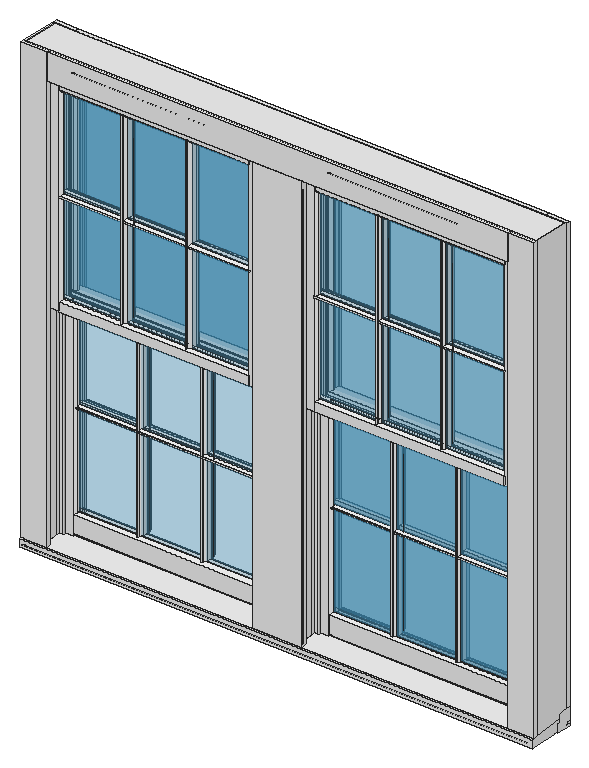
Revit family "B2-66", category Windows, host Wall, Revit 2012
Parameters
  metal = Matel
  Wood = WindowColor
  Str.Tolrance = 11 mm
  Height = 1770 mm
  Glass = Glass
  Default Sill Height = 200 mm
  Wall Closure = By host
  Width = 2007 mm
Reference planes
  plane 1 "Center (Front/Back)": y = 0
  plane 2: z = 0
  plane 3 "Center (Left/Right)": x = 0
  plane 4 "Left": x = -1003.5
  plane 5 "Right": x = 1003.5
  plane 6 "Sill": z = 200
  plane 7 "Top": z = 1970
  plane 8: y = 33.076
  plane 9: z = 1085
  plane 10: x = 903.5
  plane 11: x = -903.5
  plane 12: x = -877.455
  plane 13: x = 877.455
  plane 14: z = 1844
  plane 15: z = 326
  plane 16: z = 1870
  plane 17: z = 1008.481
  plane 18: z = 233
  plane 19: z = 1888
  plane 20: z = 268
  plane 21: x = -68
  plane 22: x = 921.5
  plane 23: x = 78
  plane 24: z = 1107
  plane 25: z = 1063
  plane 26: x = -122.245
  plane 27: x = 122.245
  plane 28: x = -373.982
  plane 29: x = 625.718
  plane 30: z = 1884
  plane 31: z = 1464.5
  plane 32: z = 694.5
  plane 33: x = 373.982
  plane 34: x = -625.718
Forms (mm)
  Sweep 1, solid, material "Matel" <- "metal"
    path origin (0, 0, 0) x (1, 0, 0) y (0, 0, 1)
      loop
        line (903.579, 1970) -> (-903.5, 1970)
    profile origin (0.039, 0, 1970) x (0, 0, -1) y (0, -1, 0)
      loop
        line (0, 87) -> (0, 72) -> (6, 72) -> (6, 67) -> (65, 67) -> (65, 72) -> (73, 72) -> (73, 67) -> (82, 67) -> (88, 67) -> (88, 70) -> (90.25, 70) -> (91.246, 70) -> (91.246, 70.819) -> (90.25, 70.456) -> (91.246, 71.452) -> (90.25, 71.452) -> (91.246, 72.288) -> (90.25, 72.288) -> (91.5, 74) -> (92.75, 72.288) -> (91.754, 72.288) -> (92.75, 71.452) -> (91.754, 71.452) -> (92.75, 70.456) -> (91.754, 70.819) -> (91.754, 70) -> (95, 70) -> (95, 67) -> (100, 67) -> (100, 87) -> (0, 87)
  Sweep 2, solid, material "Matel" <- "metal"
    path origin (0, 0, 0) x (1, 0, 0) y (0, 0, 1)
      loop
        line (997.579, 1970) -> (-997.579, 1970)
    profile origin (0, 0, 1970) x (0, 0, -1) y (0, -1, 0)
      loop
        line (0, -72) -> (6, -72) -> (6, 72) -> (0, 72) -> (0, -72)
  Sweep 3, solid
    path origin (0, 0, 0) x (1, 0, 0) y (0, 0, 1)
      loop
        line (903.5, 1970) -> (-903.5, 1970)
    profile origin (0, 0, 1970) x (0, 0, -1) y (0, -1, 0)
      loop
        line (82, -67) -> (82, -4) -> (75, -4) -> (75, 4) -> (82, 4) -> (82, 67) -> (73, 67) -> (73, 72) -> (65, 72) -> (65, 67) -> (6, 67) -> (6, -67) -> (65, -67) -> (65, -72) -> (73, -72) -> (73, -67) -> (82, -67)
  Sweep 4, solid, material "Matel" <- "metal"
    path origin (0, 0, 0) x (1, 0, 0) y (0, 0, 1)
      loop
        line (1003.5, 1970) -> (1003.5, 200)
    profile origin (1003.5, 0, 1085) x (0, -1, 0) y (1, 0, 0)
      loop
        line (72, -5.921) -> (72, -65) -> (72, -99.921) -> (87, -99.921) -> (87, 0.079) -> (72, 0.079) -> (72, -5.921)
  Sweep 5, solid, material "Matel" <- "metal"
    path origin (0, 0, 0) x (1, 0, 0) y (0, 0, 1)
      loop
        line (1003.5, 1870) -> (1003.5, 200)
    profile origin (1003.5, 0, 1035) x (0, -1, 0) y (1, 0, 0)
      loop
        line (-67, -56) -> (-67, -65) -> (-72, -65) -> (-72, -73) -> (-67, -73) -> (-67, -82) -> (67, -82) -> (67, -73) -> (72, -73) -> (72, -65) -> (67, -65) -> (67, -56) -> (-67, -56)
  Sweep 6, solid, material "Matel" <- "metal"
    path origin (0, 0, 0) x (-1, 0, 0) y (0, 0, 1)
      loop
        line (1003.5, 1970) -> (1003.5, 200)
    profile origin (-1003.5, 0, 1085) x (0, -1, 0) y (1, 0, 0)
      loop
        line (72, 5.921) -> (-72, 5.921) -> (-72, -0.079) -> (72, -0.079) -> (72, 5.921)
  Sweep 7, solid, material "Matel" <- "metal"
    path origin (0, 0, 0) x (-1, 0, 0) y (0, 0, 1)
      loop
        line (1003.5, 1870) -> (1003.5, 200)
    profile origin (-1003.5, 0, 1035) x (0, -1, 0) y (1, 0, 0)
      loop
        line (-67, 56) -> (67, 56) -> (67, 65) -> (72, 65) -> (72, 73) -> (67, 73) -> (67, 82) -> (-67, 82) -> (-67, 73) -> (-72, 73) -> (-72, 65) -> (-67, 65) -> (-67, 56)
  Sweep 8, solid, material "Matel" <- "metal"
    path origin (0, 0, 0) x (1, 0, 0) y (0, 0, 1)
      loop
        line (1003.5, 200) -> (1003.5, 1870)
    profile origin (1003.5, 0, 1035) x (-1, 0, 0) y (0, -1, 0)
      loop
        line (8.659, 13.181) -> (53.659, 13.181) -> (53.659, 58.181) -> (8.659, 58.181) -> (8.659, 13.181)
      loop
        circle (31.159, 35.681) r 3.5
      loop
        circle (31.159, -35.319) r 3.5
      loop
        line (53.659, -57.819) -> (53.659, -12.819) -> (8.659, -12.819) -> (8.659, -57.819) -> (53.659, -57.819)
      loop
        line (7.159, 1.681) -> (7.159, -1.319) -> (55.159, -1.319) -> (55.159, 1.681) -> (7.159, 1.681)
      loop
        line (82.159, -3.819) -> (96.159, -3.819)
        arc (96.159, -3.819) -> (100.159, 0.181) -> (96.159, 4.181) r 4
        line (96.159, 4.181) -> (75.159, 4.181) -> (75.159, -3.819) -> (82.159, -3.819)
  Sweep 9, solid, material "Matel" <- "metal"
    path origin (0, 0, 0) x (1, 0, 0) y (0, 0, 1)
      loop
        line (1003.5, 200) -> (1003.5, 1870)
    profile origin (1003.5, 0, 1035) x (-1, 0, 0) y (0, -1, 0)
      loop
        line (79, -43.784) -> (79, -50.284) -> (82, -50.284) -> (82, -21.284) -> (79, -21.284) -> (79, -27.784) -> (34, -27.784) -> (34, -43.784) -> (79, -43.784)
      loop
        line (34, 27.216) -> (79, 27.216) -> (79, 20.716) -> (82, 20.716) -> (82, 49.716) -> (79, 49.716) -> (79, 43.216) -> (34, 43.216) -> (34, 27.216)
  Sweep 10, solid, material "Matel" <- "metal"
    path origin (0, 0, 0) x (-1, 0, 0) y (0, 0, 1)
      loop
        line (1003.5, 200) -> (1003.5, 1870)
    profile origin (-1003.5, 0, 1035) x (-1, 0, 0) y (0, -1, 0)
      loop
        line (-8.659, 13.181) -> (-8.659, 58.181) -> (-53.659, 58.181) -> (-53.659, 13.181) -> (-8.659, 13.181)
      loop
        circle (-31.159, 35.681) r 3.5
      loop
        circle (-31.159, -35.319) r 3.5
      loop
        line (-53.659, -57.819) -> (-8.659, -57.819) -> (-8.659, -12.819) -> (-53.659, -12.819) -> (-53.659, -57.819)
      loop
        line (-7.159, 1.681) -> (-55.159, 1.681) -> (-55.159, -1.319) -> (-7.159, -1.319) -> (-7.159, 1.681)
      loop
        line (-82.159, -3.819) -> (-75.159, -3.819) -> (-75.159, 4.181) -> (-96.159, 4.181)
        arc (-96.159, 4.181) -> (-100.159, 0.181) -> (-96.159, -3.819) r 4
        line (-96.159, -3.819) -> (-82.159, -3.819)
  Sweep 11, solid, material "Matel" <- "metal"
    path origin (0, 0, 0) x (1, 0, 0) y (0, 0, 1)
      loop
        line (1003.5, 200) -> (-1003.5, 200)
    profile origin (0, 0, 200) x (0, 0, -1) y (0, -1, 0)
      loop
        line (0, -87) -> (0, -33) -> (-33, -33) -> (-33, -38) -> (-48, -38) -> (-48, -33) -> (-52.913, -33)
        arc (-52.913, -33) -> (-55.913, -36) -> (-58.913, -33) r 3
        line (-58.913, -33) -> (-63.825, -33) -> (-68, -67) -> (-68, -87) -> (-20, -87) -> (-20, -77) -> (-10, -77) -> (-10, -87) -> (0, -87)
  Sweep 12, solid, material "Matel" <- "metal"
    path origin (0, 0, 0) x (1, 0, 0) y (0, 0, 1)
      loop
        line (1003.5, 200) -> (-1003.5, 200)
    profile origin (0, 0, 200) x (0, 0, -1) y (0, -1, 0)
      loop
        line (-5, -33) -> (-5, -13) -> (0, -13) -> (0, 80) -> (-2, 80)
        arc (-2, 80) -> (-5, 83) -> (-2, 86) r 3
        line (-2, 86) -> (0, 86) -> (0, 91) -> (-30.121, 91)
        arc (-30.121, 91) -> (-32.108, 90.247) -> (-33.098, 88.366) r 3
        line (-33.098, 88.366) -> (-48, -33) -> (-48, -38) -> (-33, -38) -> (-33, -33) -> (-5, -33)
  Sweep 13, solid, material "Matel" <- "metal"
    path origin (0, 0, 0) x (1, 0, 0) y (0, 0, 1)
      loop
        line (-128.237, 1970) -> (-871.455, 1970)
    profile origin (-499.846, 0, 1970) x (0, 0, -1) y (0, -1, 0)
      loop
        line (88.983, 5.47) -> (125.983, 5.47) -> (125.983, 53.47) -> (141.983, 53.47) -> (141.983, 55.47) -> (131.983, 65.47) -> (88.983, 65.47)
        arc (88.983, 65.47) -> (86.862, 64.591) -> (85.983, 62.47) r 3
        line (85.983, 62.47) -> (85.983, 16.47) -> (91.983, 16.47) -> (91.983, 13.47) -> (85.983, 13.47) -> (85.983, 8.47)
        arc (85.983, 8.47) -> (86.862, 6.348) -> (88.983, 5.47) r 3
      loop
        arc (96, -3.819) -> (100, 0.181) -> (96, 4.181) r 4
        line (96, 4.181) -> (75, 4.181) -> (75, -3.819) -> (82, -3.819) -> (96, -3.819)
  Sweep 14, solid, material "Matel" <- "metal"
    path origin (0, 0, 0) x (1, 0, 0) y (0, 0, 1)
      loop
        line (0, 1870) -> (0, 233)
    profile origin (0, 0, 1051.5) x (0, -1, 0) y (1, 0, 0)
      loop
        line (-87, 78.266) -> (-87, -78.266) -> (-67, -78.266) -> (-67, -69.266) -> (-72, -69.266) -> (-72, -61.266) -> (-67, -61.266) -> (-67, -52.266) -> (-67, 52.266) -> (-67, 61.266) -> (-72, 61.266) -> (-72, 69.266) -> (-67, 69.266) -> (-67, 78.266) -> (-87, 78.266)
      loop
        line (87, 96.266) -> (67, 96.266) -> (67, 91.266) -> (70, 91.266) -> (70, 88.098) -> (70.8, 88.098) -> (70.41, 89.016) -> (71.49, 88.098) -> (71.49, 89.007) -> (72.56, 88.098) -> (72.56, 88.952) -> (74, 88.28) -> (74, 87.42) -> (72.56, 86.52) -> (72.56, 87.374) -> (71.49, 86.528) -> (71.49, 87.435) -> (70.391, 86.516) -> (70.8, 87.435) -> (70, 87.435) -> (70, 84.266) -> (67, 84.266) -> (67, 69.266) -> (72, 69.266) -> (72, 61.266) -> (67, 61.266) -> (67, 3.733) -> (67, -61.266) -> (72, -61.266) -> (72, -69.266) -> (67, -69.266) -> (67, -84.266) -> (70, -84.266) -> (70, -87.435) -> (70.8, -87.435) -> (70.391, -86.516) -> (71.49, -87.435) -> (71.49, -86.528) -> (72.56, -87.374) -> (72.56, -86.52) -> (74, -87.42) -> (74, -88.28) -> (72.56, -88.952) -> (72.56, -88.098) -> (71.49, -89.007) -> (71.49, -88.098) -> (70.41, -89.016) -> (70.8, -88.098) -> (70, -88.098) -> (70, -91.266) -> (67, -91.266) -> (67, -96.266) -> (87, -96.266) -> (87, 96.266)
  Sweep 15, solid, material "Matel" <- "metal"
    path origin (0, 0, 0) x (1, 0, 0) y (0, 0, 1)
      loop
        line (0, 1870) -> (0, 233)
    profile origin (0, 0, 1051.5) x (0, -1, 0) y (1, 0, 0)
      loop
        line (-67, 52.266) -> (67, 52.266) -> (67, 61.266) -> (72, 61.266) -> (72, 69.266) -> (67, 69.266) -> (67, 78.266) -> (-67, 78.266) -> (-67, 69.266) -> (-72, 69.266) -> (-72, 61.266) -> (-67, 61.266) -> (-67, 52.266)
      loop
        line (-67, -78.266) -> (67, -78.266) -> (67, -69.266) -> (72, -69.266) -> (72, -61.266) -> (67, -61.266) -> (67, -52.266) -> (-67, -52.266) -> (-67, -61.266) -> (-72, -61.266) -> (-72, -69.266) -> (-67, -69.266) -> (-67, -78.266)
  Sweep 16, solid, material "Matel" <- "metal"
    path origin (0, 0, 0) x (1, 0, 0) y (0, 0, 1)
      loop
        line (0, 1870) -> (0, 233)
    profile origin (0, 0, 1051.5) x (0, -1, 0) y (1, 0, 0)
      loop
        line (13.691, -4.79) -> (13.691, -49.79) -> (58.691, -49.79) -> (58.691, -4.79) -> (13.691, -4.79)
      loop
        circle (36.191, -27.29) r 3.5
      loop
        circle (-34.809, -27.29) r 3.5
      loop
        line (-57.309, -49.79) -> (-12.309, -49.79) -> (-12.309, -4.79) -> (-57.309, -4.79) -> (-57.309, -49.79)
      loop
        line (2.191, -3.29) -> (-0.809, -3.29) -> (-0.809, -51.29) -> (2.191, -51.29) -> (2.191, -3.29)
      loop
        line (-3.309, -78.29) -> (-3.309, -92.29)
        arc (-3.309, -92.29) -> (0.691, -96.29) -> (4.691, -92.29) r 4
        line (4.691, -92.29) -> (4.691, -71.29) -> (-3.309, -71.29) -> (-3.309, -78.29)
  Sweep 17, solid, material "Matel" <- "metal"
    path origin (0, 0, 0) x (-1, 0, 0) y (0, 0, 1)
      loop
        line (0, 1870) -> (0, 233)
    profile origin (0, 0, 1051.5) x (0, -1, 0) y (1, 0, 0)
      loop
        line (13.691, 4.79) -> (58.691, 4.79) -> (58.691, 49.79) -> (13.691, 49.79) -> (13.691, 4.79)
      loop
        circle (36.191, 27.29) r 3.5
      loop
        circle (-34.809, 27.29) r 3.5
      loop
        line (-57.309, 49.79) -> (-57.309, 4.79) -> (-12.309, 4.79) -> (-12.309, 49.79) -> (-57.309, 49.79)
      loop
        line (2.191, 3.29) -> (2.191, 51.29) -> (-0.809, 51.29) -> (-0.809, 3.29) -> (2.191, 3.29)
      loop
        line (-3.309, 78.29) -> (-3.309, 71.29) -> (4.691, 71.29) -> (4.691, 92.29)
        arc (4.691, 92.29) -> (0.691, 96.29) -> (-3.309, 92.29) r 4
        line (-3.309, 92.29) -> (-3.309, 78.29)
  Sweep 18, solid, material "Matel" <- "metal"
    path origin (0, 0, 0) x (1, 0, 0) y (0, 0, 1)
      loop
        line (0, 1870) -> (0, 233)
    profile origin (0, 0, 1051.5) x (0, -1, 0) y (1, 0, 0)
      loop
        line (-42.517, -75.266) -> (-49.017, -75.266) -> (-49.017, -78.266) -> (-20.017, -78.266) -> (-20.017, -75.266) -> (-26.517, -75.266) -> (-26.517, -30.266) -> (-42.517, -30.266) -> (-42.517, -75.266)
      loop
        line (28.483, -30.266) -> (28.483, -75.266) -> (21.983, -75.266) -> (21.983, -78.266) -> (50.983, -78.266) -> (50.983, -75.266) -> (44.483, -75.266) -> (44.483, -30.266) -> (28.483, -30.266)
      loop
        line (-42.517, 75.266) -> (-42.517, 30.266) -> (-26.517, 30.266) -> (-26.517, 75.266) -> (-20.017, 75.266) -> (-20.017, 78.266) -> (-49.017, 78.266) -> (-49.017, 75.266) -> (-42.517, 75.266)
      loop
        line (28.483, 30.266) -> (44.483, 30.266) -> (44.483, 75.266) -> (50.983, 75.266) -> (50.983, 78.266) -> (21.983, 78.266) -> (21.983, 75.266) -> (28.483, 75.266) -> (28.483, 30.266)
  Sweep 19, solid, material "Matel" <- "metal"
    path origin (0, 0, 0) x (1, 0, 0) y (0, 0, 1)
      loop
        line (-78.266, 1888) -> (-921.5, 1888) -> (-921.5, 268) -> (-78.266, 268) -> (-78.266, 1888)
    profile origin (-499.883, 0, 1888) x (0, 0, -1) y (0, -1, 0)
      loop
        line (15, -67) -> (0, -67) -> (0, -81) -> (3, -81)
        arc (3, -81) -> (9, -87) -> (15, -81) r 6
        line (15, -81) -> (15, -67)
  Sweep 20, solid, material "Matel" <- "metal"
    path origin (0, 0, 0) x (-1, 0, 0) y (0, 0, 1)
      loop
        line (-78, 1888) -> (-921.5, 1888) -> (-921.5, 268) -> (-78, 268) -> (-78, 1888)
    profile origin (499.75, 0, 1888) x (0, 0, 1) y (0, -1, 0)
      loop
        line (-15, -67) -> (-15, -81)
        arc (-15, -81) -> (-9, -87) -> (-3, -81) r 6
        line (-3, -81) -> (0, -81) -> (0, -67) -> (-15, -67)
  Sweep 21, solid, material "Matel" <- "metal"
    path origin (0, 0, 0) x (1, 0, 0) y (0, 0, 1)
      loop
        line (-128.237, 1085) -> (-871.455, 1085)
    profile origin (-499.846, 0, 1085) x (0, 0, -1) y (0, -1, 0)
      loop
        line (19, -50.836) -> (22, -50.836) -> (22, -46.836) -> (18, -45.836) -> (18, -42.836) -> (6, -42.836) -> (6, -61.836) -> (11, -61.836) -> (11, -58.836)
        arc (11, -58.836) -> (16.657, -56.493) -> (19, -50.836) r 8
      loop
        line (10, -38.836) -> (20, -38.836) -> (20, -22.836) -> (10, -22.836) -> (10, -38.836)
      loop
        line (22, 6.164) -> (22, 66.164) -> (-12, 66.164) -> (-22, 56.164) -> (-22, 54.164) -> (-6, 54.164) -> (-6, 12.164) -> (-3, 12.164) -> (-3, 6.164) -> (22, 6.164)
      loop
        line (-20, 32.164) -> (-10, 32.164) -> (-10, 48.164) -> (-20, 48.164) -> (-20, 32.164)
  Sweep 22, solid, material "Matel" <- "metal", detail levels fine
    path origin (0, 0, 0) x (1, 0, 0) y (0, 0, 1)
      loop
        line (-373.982, 1107) -> (-373.982, 1839.017)
    profile origin (-373.982, 0, 1473.008) x (-1, 0, 0) y (0, -1, 0)
      loop
        line (8.934, 26.029) -> (-11.066, 26.029) -> (-11.066, 20.029) -> (-9.066, 20.029) -> (-9.066, 17.529) -> (-3.566, 10.029) -> (-3.566, 8.029) -> (1.434, 8.029) -> (1.434, 10.029) -> (6.934, 17.529) -> (6.934, 20.029) -> (8.934, 20.029) -> (8.934, 26.029)
      loop
        line (8.934, 57.214) -> (1.485, 65.368) -> (1.485, 67.368) -> (-3.515, 67.368) -> (-3.515, 65.368) -> (-11.066, 54.414) -> (8.934, 54.414) -> (8.934, 57.214)
  Sweep 23, solid, material "Matel" <- "metal"
    path origin (0, 0, 0) x (-1, 0, 0) y (0, 0, 1)
      loop
        line (1003.5, 200) -> (1003.5, 1870)
    profile origin (-1003.5, 0, 1035) x (-1, 0, 0) y (0, -1, 0)
      loop
        line (-79, -43.784) -> (-34, -43.784) -> (-34, -27.784) -> (-79, -27.784) -> (-79, -21.284) -> (-82, -21.284) -> (-82, -50.284) -> (-79, -50.284) -> (-79, -43.784)
      loop
        line (-34, 27.216) -> (-34, 43.216) -> (-79, 43.216) -> (-79, 49.716) -> (-82, 49.716) -> (-82, 20.716) -> (-79, 20.716) -> (-79, 27.216) -> (-34, 27.216)
  Sweep 24, solid, material "Matel" <- "metal"
    path origin (749.2, 0, 0) x (1, 0, 0) y (0, 0, 1)
      loop
        line (128.255, 1870) -> (128.255, 1085)
    profile origin (877.455, 0, 1477.5) x (0, -1, 0) y (1, 0, 0)
      loop
        line (-61.836, 0) -> (-61.836, -5) -> (-58.836, -5)
        arc (-58.836, -5) -> (-56.493, -10.657) -> (-50.836, -13) r 8
        line (-50.836, -13) -> (-50.836, -16) -> (-46.836, -16) -> (-45.836, -12) -> (-42.836, -12) -> (-42.836, 0) -> (-61.836, 0)
  Sweep 25, solid
    path origin (0, 0, 0) x (1, 0, 0) y (0, 0, 1)
      loop
        line (-877.455, 1870) -> (-122.245, 1870)
    profile origin (-499.85, 0, 1870) x (0, 0, 1) y (0, -1, 0)
      loop
        line (-25.983, 7.97) -> (-25.983, 26.97) -> (-37.983, 26.97) -> (-37.983, 23.97) -> (-41.983, 22.97) -> (-41.983, 18.97) -> (-38.983, 18.97)
        arc (-38.983, 18.97) -> (-36.64, 13.313) -> (-30.983, 10.97) r 8
        line (-30.983, 10.97) -> (-30.983, 7.97) -> (-25.983, 7.97)
  Sweep 26, solid, material "Matel" <- "metal", detail levels fine
    path origin (0, 0, 0) x (-1, 0, 0) y (0, 0, -1)
      loop
        line (-625.718, -1107) -> (-625.718, -1838.017)
    profile origin (625.718, 0, 1472.508) x (-1, 0, 0) y (0, -1, 0)
      loop
        line (-8.934, 26.029) -> (-8.934, 20.029) -> (-6.934, 20.029) -> (-6.934, 17.529) -> (-1.434, 10.029) -> (-1.434, 8.029) -> (3.566, 8.029) -> (3.566, 10.029) -> (9.066, 17.529) -> (9.066, 20.029) -> (11.066, 20.029) -> (11.066, 26.029) -> (-8.934, 26.029)
      loop
        line (-8.934, 57.214) -> (-8.934, 54.414) -> (11.066, 54.414) -> (3.515, 65.368) -> (3.515, 67.368) -> (-1.485, 67.368) -> (-1.485, 65.368) -> (-8.934, 57.214)
  Sweep 27, solid, material "Matel" <- "metal"
    path origin (0, 0, 0) x (-1, 0, 0) y (0, 0, 1)
      loop
        line (128.237, 268) -> (871.455, 268)
    profile origin (-499.846, 0, 268) x (0, 0, -1) y (0, -1, 0)
      loop
        line (18.317, -15.045) -> (12.685, -15.045) -> (12.685, -12.045) -> (20.101, -12.045) -> (20.67, -7.41)
        arc (20.67, -7.41) -> (19.939, -5.057) -> (17.693, -4.045) r 3
        line (17.693, -4.045) -> (-50.332, -4.045) -> (-60.332, -14.045) -> (-60.332, -16.045) -> (-44.332, -16.045) -> (-44.332, -30.045) -> (-4.998, -30.045) -> (-4.998, -26.045) -> (16.966, -26.045) -> (18.317, -15.045)
      loop
        line (-44.332, -64.045) -> (-5.354, -64.045)
        arc (-5.354, -64.045) -> (-3.366, -63.291) -> (-2.376, -61.41) r 3
        line (-2.376, -61.41) -> (-1.717, -56.045) -> (-7.349, -56.045) -> (-7.349, -53.045) -> (-1.349, -53.045) -> (0.002, -42.045) -> (-4.998, -42.045) -> (-4.998, -38.045) -> (-44.332, -38.045) -> (-44.332, -64.045)
  Sweep 28, solid, material "Matel" <- "metal"
    path origin (0, 0, 0) x (1, 0, 0) y (0, 0, 1)
      loop
        line (861.455, 268) -> (138.245, 268)
    profile origin (499.85, 0, 268) x (0, 0, -1) y (0, -1, 0)
      loop
        line (-44.332, -61.836) -> (-44.332, -42.836) -> (-56.332, -42.836) -> (-56.332, -45.836) -> (-60.332, -46.836) -> (-60.332, -50.836) -> (-57.332, -50.836)
        arc (-57.332, -50.836) -> (-54.989, -56.493) -> (-49.332, -58.836) r 8
        line (-49.332, -58.836) -> (-49.332, -61.836) -> (-44.332, -61.836)
  Sweep 29, solid, material "Matel" <- "metal", detail levels fine
    path origin (0, 0, 2851.8) x (1, 0, 0) y (0, 0, 1)
      loop
        line (-373.982, -1788.8) -> (-373.982, -2525.8)
    profile origin (-373.982, 0, 694.5) x (0, -1, 0) y (1, 0, 0)
      loop
        line (-50.846, -8.934) -> (-50.846, 11.066) -> (-56.846, 11.066) -> (-56.846, 9.066) -> (-59.346, 9.066) -> (-66.846, 3.566) -> (-68.846, 3.566) -> (-68.846, -1.434) -> (-66.846, -1.434) -> (-59.346, -6.934) -> (-56.846, -6.934) -> (-56.846, -8.934) -> (-50.846, -8.934)
      loop
        line (-19.661, -8.934) -> (-11.507, -1.485) -> (-9.507, -1.485) -> (-9.507, 3.515) -> (-11.507, 3.515) -> (-22.461, 11.066) -> (-22.461, -8.934) -> (-19.661, -8.934)
  Sweep 30, solid, material "Matel" <- "metal", detail levels fine
    path origin (0, 0, 2851.8) x (-1, 0, 0) y (0, 0, -1)
      loop
        line (-625.718, 1788.8) -> (-625.718, 2523.468)
    profile origin (625.718, 0, 695.666) x (0, -1, 0) y (1, 0, 0)
      loop
        line (-47.721, 8.934) -> (-53.721, 8.934) -> (-53.721, 6.934) -> (-56.221, 6.934) -> (-63.721, 1.434) -> (-65.721, 1.434) -> (-65.721, -3.566) -> (-63.721, -3.566) -> (-56.221, -9.066) -> (-53.721, -9.066) -> (-53.721, -11.066) -> (-47.721, -11.066) -> (-47.721, 8.934)
      loop
        line (-16.536, 8.934) -> (-19.336, 8.934) -> (-19.336, -11.066) -> (-8.382, -3.515) -> (-6.382, -3.515) -> (-6.382, 1.485) -> (-8.382, 1.485) -> (-16.536, 8.934)
  Sweep 31, solid, material "Matel" <- "metal", detail levels fine
    path origin (0, 0, 0) x (1, 0, 0) y (0, 0, 1)
      loop
        line (625.718, 1107) -> (625.718, 1844)
    profile origin (625.718, 0, 1475.5) x (-1, 0, 0) y (0, -1, 0)
      loop
        line (9.723, 31.765) -> (9.723, 47.765) -> (-10.277, 47.765) -> (-10.277, 31.765) -> (9.723, 31.765)
  Sweep 32, solid, material "Matel" <- "metal", detail levels fine
    path origin (0, 0, 0) x (-1, 0, 0) y (0, 0, 1)
      loop
        line (373.982, 1107) -> (373.982, 1844)
    profile origin (-373.982, 0, 1475.5) x (-1, 0, 0) y (0, -1, 0)
      loop
        line (-10.348, 31.765) -> (9.652, 31.765) -> (9.652, 47.765) -> (-10.348, 47.765) -> (-10.348, 31.765)
  Sweep 33, solid, material "Matel" <- "metal", detail levels fine
    path origin (0, 0, 0) x (1, 0, 0) y (0, 0, 1)
      loop
        line (625.718, 1063) -> (625.718, 326)
    profile origin (625.718, 0, 694.5) x (0, -1, 0) y (1, 0, 0)
      loop
        line (-41.045, -10) -> (-25.045, -10) -> (-25.045, 10) -> (-41.045, 10) -> (-41.045, -10)
  Sweep 34, solid, material "Matel" <- "metal", detail levels fine
    path origin (0, 0, 0) x (-1, 0, 0) y (0, 0, 1)
      loop
        line (373.982, 1063) -> (373.982, 326)
    profile origin (-373.982, 0, 694.5) x (0, -1, 0) y (1, 0, 0)
      loop
        line (-41.045, 10) -> (-41.045, -10) -> (-25.045, -10) -> (-25.045, 10) -> (-41.045, 10)
  Sweep 35, solid, material "Matel" <- "metal", detail levels fine
    path origin (0, 0, 0) x (-1, 0, 0) y (0, 0, 1)
      loop
        line (373.982, 1107) -> (373.982, 1844)
    profile origin (-373.982, 0, 1475.5) x (-1, 0, 0) y (0, -1, 0)
      loop
        line (-9.723, 31.765) -> (10.277, 31.765) -> (10.277, 47.765) -> (-9.723, 47.765) -> (-9.723, 31.765)
  Sweep 36, solid, material "Matel" <- "metal"
    path origin (0, 0, 0) x (1, 0, 0) y (0, 0, 1)
      loop
        line (921.5, 1085) -> (921.5, 1870)
    profile origin (921.5, 0, 1477.5) x (-1, 0, 0) y (0, -1, 0)
      loop
        line (50.045, -5.271) -> (7.045, -5.271)
        arc (7.045, -5.271) -> (4.923, -6.15) -> (4.045, -8.271) r 3
        line (4.045, -8.271) -> (4.045, -13.271) -> (10.045, -13.271) -> (10.045, -16.271) -> (4.045, -16.271) -> (4.045, -29.271) -> (10.045, -29.271) -> (10.045, -41.271) -> (4.045, -41.271) -> (4.045, -62.271)
        arc (4.045, -62.271) -> (4.923, -64.393) -> (7.045, -65.271) r 3
        line (7.045, -65.271) -> (44.045, -65.271) -> (44.045, -17.271) -> (60.045, -17.271) -> (60.045, -15.271) -> (50.045, -5.271)
  Sweep 37, solid, material "Matel" <- "metal"
    path origin (0, 0, 0) x (1, 0, 0) y (0, 0, 1)
      loop
        line (921.5, 1870) -> (921.5, 1063)
    profile origin (921.5, 0, 1466.5) x (0, -1, 0) y (1, 0, 0)
      loop
        line (65.625, -50.045) -> (65.625, -7.045)
        arc (65.625, -7.045) -> (64.746, -4.923) -> (62.625, -4.045) r 3
        line (62.625, -4.045) -> (57.625, -4.045) -> (57.625, -10.045) -> (54.625, -10.045) -> (54.625, -4.045) -> (41.625, -4.045) -> (41.625, -10.045) -> (29.625, -10.045) -> (29.625, -4.045) -> (8.625, -4.045)
        arc (8.625, -4.045) -> (6.504, -4.923) -> (5.625, -7.045) r 3
        line (5.625, -7.045) -> (5.625, -44.045) -> (53.625, -44.045) -> (53.625, -60.045) -> (55.625, -60.045) -> (65.625, -50.045)
  Sweep 38, solid, material "Matel" <- "metal"
    path origin (999.5, 0, 0) x (-1, 0, 0) y (0, 0, 1)
      loop
        line (921.5, 1085) -> (921.5, 1870)
    profile origin (78, 0, 1477.5) x (-1, 0, 0) y (0, -1, 0)
      loop
        line (-50.045, -5.271) -> (-60.045, -15.271) -> (-60.045, -17.271) -> (-44.045, -17.271) -> (-44.045, -65.271) -> (-7.045, -65.271)
        arc (-7.045, -65.271) -> (-4.923, -64.393) -> (-4.045, -62.271) r 3
        line (-4.045, -62.271) -> (-4.045, -41.271) -> (-10.045, -41.271) -> (-10.045, -29.271) -> (-4.045, -29.271) -> (-4.045, -16.271) -> (-10.045, -16.271) -> (-10.045, -13.271) -> (-4.045, -13.271) -> (-4.045, -8.271)
        arc (-4.045, -8.271) -> (-4.923, -6.15) -> (-7.045, -5.271) r 3
        line (-7.045, -5.271) -> (-50.045, -5.271)
  Sweep 39, solid, material "Matel" <- "metal"
    path origin (-999.5, 0, 0) x (1, 0, 0) y (0, 0, 1)
      loop
        line (931.5, 1085) -> (931.5, 1870)
    profile origin (-68, 0, 1477.5) x (-1, 0, 0) y (0, -1, 0)
      loop
        line (60.237, -5.271) -> (17.237, -5.271)
        arc (17.237, -5.271) -> (15.116, -6.15) -> (14.237, -8.271) r 3
        line (14.237, -8.271) -> (14.237, -13.271) -> (20.237, -13.271) -> (20.237, -16.271) -> (14.237, -16.271) -> (14.237, -29.271) -> (20.237, -29.271) -> (20.237, -41.271) -> (14.237, -41.271) -> (14.237, -62.271)
        arc (14.237, -62.271) -> (15.116, -64.393) -> (17.237, -65.271) r 3
        line (17.237, -65.271) -> (54.237, -65.271) -> (54.237, -17.271) -> (70.237, -17.271) -> (70.237, -15.271) -> (60.237, -5.271)
  Sweep 40, solid, material "Matel" <- "metal"
    path origin (-1154.5, 0, 0) x (1, 0, 0) y (0, 0, 1)
      loop
        line (1086.5, 1063) -> (1086.5, 1870)
    profile origin (-68, 0, 1466.5) x (-1, 0, 0) y (0, -1, 0)
      loop
        line (60.237, 65.354) -> (17.237, 65.354)
        arc (17.237, 65.354) -> (15.116, 64.475) -> (14.237, 62.354) r 3
        line (14.237, 62.354) -> (14.237, 57.354) -> (20.237, 57.354) -> (20.237, 54.354) -> (14.237, 54.354) -> (14.237, 41.354) -> (20.237, 41.354) -> (20.237, 29.354) -> (14.237, 29.354) -> (14.237, 8.354)
        arc (14.237, 8.354) -> (15.116, 6.232) -> (17.237, 5.354) r 3
        line (17.237, 5.354) -> (54.237, 5.354) -> (54.237, 53.354) -> (70.237, 53.354) -> (70.237, 55.354) -> (60.237, 65.354)
  Sweep 41, solid, material "Matel" <- "metal"
    path origin (0, 0, 0) x (-1, 0, 0) y (0, 0, 1)
      loop
        line (921.5, 1085) -> (921.5, 1870)
    profile origin (-921.5, 0, 1477.5) x (-1, 0, 0) y (0, -1, 0)
      loop
        line (-50.045, -5.271) -> (-60.045, -15.271) -> (-60.045, -17.271) -> (-44.045, -17.271) -> (-44.045, -65.271) -> (-7.045, -65.271)
        arc (-7.045, -65.271) -> (-4.923, -64.393) -> (-4.045, -62.271) r 3
        line (-4.045, -62.271) -> (-4.045, -41.271) -> (-10.045, -41.271) -> (-10.045, -29.271) -> (-4.045, -29.271) -> (-4.045, -16.271) -> (-10.045, -16.271) -> (-10.045, -13.271) -> (-4.045, -13.271) -> (-4.045, -8.271)
        arc (-4.045, -8.271) -> (-4.923, -6.15) -> (-7.045, -5.271) r 3
        line (-7.045, -5.271) -> (-50.045, -5.271)
  Sweep 42, solid, material "Matel" <- "metal"
    path origin (0, 0, 0) x (-1, 0, 0) y (0, 0, 1)
      loop
        line (921.5, 1870) -> (921.5, 1063)
    profile origin (-921.5, 0, 1466.5) x (0, -1, 0) y (1, 0, 0)
      loop
        line (65.625, 50.045) -> (55.625, 60.045) -> (53.625, 60.045) -> (53.625, 44.045) -> (5.625, 44.045) -> (5.625, 7.045)
        arc (5.625, 7.045) -> (6.504, 4.923) -> (8.625, 4.045) r 3
        line (8.625, 4.045) -> (29.625, 4.045) -> (29.625, 10.045) -> (41.625, 10.045) -> (41.625, 4.045) -> (54.625, 4.045) -> (54.625, 10.045) -> (57.625, 10.045) -> (57.625, 4.045) -> (62.625, 4.045)
        arc (62.625, 4.045) -> (64.746, 4.923) -> (65.625, 7.045) r 3
        line (65.625, 7.045) -> (65.625, 50.045)
  Sweep 43, solid, material "Matel" <- "metal"
    path origin (797.972, 0, -696.715) x (1, 0, 0) y (0, 0, 1)
      loop
        line (123.528, 896.715) -> (123.528, 1781.715)
    profile origin (921.5, 0, 642.5) x (-1, 0, 0) y (0, -1, 0)
      loop
        line (50.045, -5.271) -> (7.045, -5.271)
        arc (7.045, -5.271) -> (4.923, -6.15) -> (4.045, -8.271) r 3
        line (4.045, -8.271) -> (4.045, -13.271) -> (10.045, -13.271) -> (10.045, -16.271) -> (4.045, -16.271) -> (4.045, -29.271) -> (10.045, -29.271) -> (10.045, -41.271) -> (4.045, -41.271) -> (4.045, -62.271)
        arc (4.045, -62.271) -> (4.923, -64.393) -> (7.045, -65.271) r 3
        line (7.045, -65.271) -> (44.045, -65.271) -> (44.045, -17.271) -> (60.045, -17.271) -> (60.045, -15.271) -> (50.045, -5.271)
  Sweep 44, solid, material "Matel" <- "metal"
    path origin (999.5, 0, 0) x (-1, 0, 0) y (0, 0, 1)
      loop
        line (921.5, 200) -> (921.5, 1085)
    profile origin (78, 0, 642.5) x (-1, 0, 0) y (0, -1, 0)
      loop
        line (-50.045, -5.271) -> (-60.045, -15.271) -> (-60.045, -17.271) -> (-44.045, -17.271) -> (-44.045, -65.271) -> (-7.045, -65.271)
        arc (-7.045, -65.271) -> (-4.923, -64.393) -> (-4.045, -62.271) r 3
        line (-4.045, -62.271) -> (-4.045, -41.271) -> (-10.045, -41.271) -> (-10.045, -29.271) -> (-4.045, -29.271) -> (-4.045, -16.271) -> (-10.045, -16.271) -> (-10.045, -13.271) -> (-4.045, -13.271) -> (-4.045, -8.271)
        arc (-4.045, -8.271) -> (-4.923, -6.15) -> (-7.045, -5.271) r 3
        line (-7.045, -5.271) -> (-50.045, -5.271)
  Sweep 45, solid, material "Matel" <- "metal"
    path origin (-999.5, 0, 0) x (1, 0, 0) y (0, 0, 1)
      loop
        line (931.5, 200) -> (931.5, 1085)
    profile origin (-68, 0, 642.5) x (-1, 0, 0) y (0, -1, 0)
      loop
        line (60.237, -5.271) -> (17.237, -5.271)
        arc (17.237, -5.271) -> (15.116, -6.15) -> (14.237, -8.271) r 3
        line (14.237, -8.271) -> (14.237, -13.271) -> (20.237, -13.271) -> (20.237, -16.271) -> (14.237, -16.271) -> (14.237, -29.271) -> (20.237, -29.271) -> (20.237, -41.271) -> (14.237, -41.271) -> (14.237, -62.271)
        arc (14.237, -62.271) -> (15.116, -64.393) -> (17.237, -65.271) r 3
        line (17.237, -65.271) -> (54.237, -65.271) -> (54.237, -17.271) -> (70.237, -17.271) -> (70.237, -15.271) -> (60.237, -5.271)
  Sweep 46, solid, material "Matel" <- "metal"
    path origin (0, 0, 0) x (-1, 0, 0) y (0, 0, 1)
      loop
        line (921.5, 200) -> (921.5, 1085)
    profile origin (-921.5, 0, 642.5) x (-1, 0, 0) y (0, -1, 0)
      loop
        line (-50.045, -5.271) -> (-60.045, -15.271) -> (-60.045, -17.271) -> (-44.045, -17.271) -> (-44.045, -65.271) -> (-7.045, -65.271)
        arc (-7.045, -65.271) -> (-4.923, -64.393) -> (-4.045, -62.271) r 3
        line (-4.045, -62.271) -> (-4.045, -41.271) -> (-10.045, -41.271) -> (-10.045, -29.271) -> (-4.045, -29.271) -> (-4.045, -16.271) -> (-10.045, -16.271) -> (-10.045, -13.271) -> (-4.045, -13.271) -> (-4.045, -8.271)
        arc (-4.045, -8.271) -> (-4.923, -6.15) -> (-7.045, -5.271) r 3
        line (-7.045, -5.271) -> (-50.045, -5.271)
  Sweep 47, solid, material "Matel" <- "metal"
    path origin (749.2, 0, 0) x (1, 0, 0) y (0, 0, 1)
      loop
        line (128.255, 1085) -> (128.255, 200)
    profile origin (877.455, 0, 642.5) x (0, -1, 0) y (1, 0, 0)
      loop
        line (-61.836, 0) -> (-61.836, -5) -> (-58.836, -5)
        arc (-58.836, -5) -> (-56.493, -10.657) -> (-50.836, -13) r 8
        line (-50.836, -13) -> (-50.836, -16) -> (-46.836, -16) -> (-45.836, -12) -> (-42.836, -12) -> (-42.836, 0) -> (-61.836, 0)
  Sweep 48, solid, material "Matel" <- "metal"
    path origin (749.2, -70.586, 0) x (1, 0, 0) y (0, 0, 1)
      loop
        line (128.255, 1870) -> (128.255, 1085)
    profile origin (877.455, -70.586, 1477.5) x (0, -1, 0) y (1, 0, 0)
      loop
        line (-61.836, 0) -> (-61.836, -5) -> (-58.836, -5)
        arc (-58.836, -5) -> (-56.493, -10.657) -> (-50.836, -13) r 8
        line (-50.836, -13) -> (-50.836, -16) -> (-46.836, -16) -> (-45.836, -12) -> (-42.836, -12) -> (-42.836, 0) -> (-61.836, 0)
  Sweep 49, solid, material "Matel" <- "metal"
    path origin (250.3, 0.435, 0) x (-1, 0, 0) y (0, 0, -1)
      loop
        line (128.055, -1870) -> (128.055, -1085)
    profile origin (122.245, 0.435, 1477.5) x (0, -1, 0) y (1, 0, 0)
      loop
        line (-61.836, 0) -> (-42.836, 0) -> (-42.836, 12) -> (-45.836, 12) -> (-46.836, 16) -> (-50.836, 16) -> (-50.836, 13)
        arc (-50.836, 13) -> (-56.493, 10.657) -> (-58.836, 5) r 8
        line (-58.836, 5) -> (-61.836, 5) -> (-61.836, 0)
  Sweep 50, solid, material "Matel" <- "metal"
    path origin (250.3, 0.435, 0) x (-1, 0, 0) y (0, 0, -1)
      loop
        line (128.055, -1085) -> (128.055, -200)
    profile origin (122.245, 0.435, 642.5) x (0, -1, 0) y (1, 0, 0)
      loop
        line (-61.836, 0) -> (-42.836, 0) -> (-42.836, 12) -> (-45.836, 12) -> (-46.836, 16) -> (-50.836, 16) -> (-50.836, 13)
        arc (-50.836, 13) -> (-56.493, 10.657) -> (-58.836, 5) r 8
        line (-58.836, 5) -> (-61.836, 5) -> (-61.836, 0)
  Sweep 51, solid, material "Matel" <- "metal"
    path origin (250.1, -70.107, 0) x (-1, 0, 0) y (0, 0, -1)
      loop
        line (127.855, -1844) -> (127.855, -1085)
    profile origin (122.245, -70.107, 1464.5) x (0, -1, 0) y (1, 0, 0)
      loop
        line (-61.836, 0) -> (-42.836, 0) -> (-42.836, 12) -> (-45.836, 12) -> (-46.836, 16) -> (-50.836, 16) -> (-50.836, 13)
        arc (-50.836, 13) -> (-56.493, 10.657) -> (-58.836, 5) r 8
        line (-58.836, 5) -> (-61.836, 5) -> (-61.836, 0)
  Sweep 52, solid, material "Matel" <- "metal"
    path origin (250.1, 0.435, 0) x (-1, 0, 0) y (0, 0, -1)
      loop
        line (127.855, -1085) -> (127.855, -200)
    profile origin (122.245, 0.435, 642.5) x (0, -1, 0) y (1, 0, 0)
      loop
        line (-61.836, 0) -> (-42.836, 0) -> (-42.836, 12) -> (-45.836, 12) -> (-46.836, 16) -> (-50.836, 16) -> (-50.836, 13)
        arc (-50.836, 13) -> (-56.493, 10.657) -> (-58.836, 5) r 8
        line (-58.836, 5) -> (-61.836, 5) -> (-61.836, 0)
  Sweep 53, solid, material "Matel" <- "metal"
    path origin (-250.293, 0.935, 0) x (1, 0, 0) y (0, 0, 1)
      loop
        line (128.048, 1870) -> (128.048, 1085)
    profile origin (-122.245, 0.935, 1477.5) x (0, -1, 0) y (1, 0, 0)
      loop
        line (-61.836, 0) -> (-61.836, -5) -> (-58.836, -5)
        arc (-58.836, -5) -> (-56.493, -10.657) -> (-50.836, -13) r 8
        line (-50.836, -13) -> (-50.836, -16) -> (-46.836, -16) -> (-45.836, -12) -> (-42.836, -12) -> (-42.836, 0) -> (-61.836, 0)
  Sweep 54, solid, material "Matel" <- "metal"
    path origin (-250.293, 0.935, 0) x (1, 0, 0) y (0, 0, 1)
      loop
        line (128.048, 1085) -> (128.048, 200)
    profile origin (-122.245, 0.935, 642.5) x (0, -1, 0) y (1, 0, 0)
      loop
        line (-61.836, 0) -> (-61.836, -5) -> (-58.836, -5)
        arc (-58.836, -5) -> (-56.493, -10.657) -> (-50.836, -13) r 8
        line (-50.836, -13) -> (-50.836, -16) -> (-46.836, -16) -> (-45.836, -12) -> (-42.836, -12) -> (-42.836, 0) -> (-61.836, 0)
  Sweep 55, solid, material "Matel" <- "metal"
    path origin (-250.285, -70.19, 0) x (1, 0, 0) y (0, 0, 1)
      loop
        line (128.04, 1870) -> (128.04, 1085)
    profile origin (-122.245, -70.19, 1477.5) x (0, -1, 0) y (1, 0, 0)
      loop
        line (-61.836, 0) -> (-61.836, -5) -> (-58.836, -5)
        arc (-58.836, -5) -> (-56.493, -10.657) -> (-50.836, -13) r 8
        line (-50.836, -13) -> (-50.836, -16) -> (-46.836, -16) -> (-45.836, -12) -> (-42.836, -12) -> (-42.836, 0) -> (-61.836, 0)
  Sweep 56, solid, material "Matel" <- "metal"
    path origin (-749.415, 0.31, 0) x (-1, 0, 0) y (0, 0, -1)
      loop
        line (128.04, -1870) -> (128.04, -1085)
    profile origin (-877.455, 0.31, 1477.5) x (0, -1, 0) y (1, 0, 0)
      loop
        line (-61.836, 0) -> (-42.836, 0) -> (-42.836, 12) -> (-45.836, 12) -> (-46.836, 16) -> (-50.836, 16) -> (-50.836, 13)
        arc (-50.836, 13) -> (-56.493, 10.657) -> (-58.836, 5) r 8
        line (-58.836, 5) -> (-61.836, 5) -> (-61.836, 0)
  Sweep 57, solid, material "Matel" <- "metal"
    path origin (-749.415, 0.31, 0) x (-1, 0, 0) y (0, 0, -1)
      loop
        line (128.04, -1085) -> (128.04, -200)
    profile origin (-877.455, 0.31, 642.5) x (0, -1, 0) y (1, 0, 0)
      loop
        line (-61.836, 0) -> (-42.836, 0) -> (-42.836, 12) -> (-45.836, 12) -> (-46.836, 16) -> (-50.836, 16) -> (-50.836, 13)
        arc (-50.836, 13) -> (-56.493, 10.657) -> (-58.836, 5) r 8
        line (-58.836, 5) -> (-61.836, 5) -> (-61.836, 0)
  Sweep 58, solid, material "Matel" <- "metal"
    path origin (-749.414, -69.961, 0) x (-1, 0, 0) y (0, 0, -1)
      loop
        line (128.041, -1870) -> (128.041, -1085)
    profile origin (-877.455, -69.961, 1477.5) x (0, -1, 0) y (1, 0, 0)
      loop
        line (-61.836, 0) -> (-42.836, 0) -> (-42.836, 12) -> (-45.836, 12) -> (-46.836, 16) -> (-50.836, 16) -> (-50.836, 13)
        arc (-50.836, 13) -> (-56.493, 10.657) -> (-58.836, 5) r 8
        line (-58.836, 5) -> (-61.836, 5) -> (-61.836, 0)
  Extrusion 59, solid, material "Glass" <- "Glass"
    sketch origin (0, 126.875, 0) x (1, 0, 0) y (0, 0, 1)
      loop
        line (903.5, 1844) -> (122.245, 1844) -> (122.245, 1085) -> (903.5, 1085) -> (903.5, 1844)
    from 174.661 to 178.661
  Extrusion 60, solid, material "Glass" <- "Glass"
    sketch origin (0, -206.673, 0) x (1, 0, 0) y (0, 0, -1)
      loop
        line (903.5, -1844) -> (903.5, -1085) -> (122.245, -1085) -> (122.245, -1844) -> (903.5, -1844)
    from 175.402 to 179.402
  Extrusion 61, solid, material "Glass" <- "Glass"
    sketch origin (0, 84.532, 0) x (1, 0, 0) y (0, 0, -1)
      loop
        line (877.455, -1844) -> (877.455, -1085) -> (122.245, -1085) -> (122.245, -1844) -> (877.455, -1844)
    from -45.26 to -41.26
  Extrusion 62, solid, material "Glass" <- "Glass"
    sketch origin (0, 419.33, 0) x (1, 0, 0) y (0, 0, 1)
      loop
        line (877.455, 1844) -> (122.245, 1844) -> (122.245, 1085) -> (877.455, 1085) -> (877.455, 1844)
    from 396.808 to 400.808
  Extrusion 63, solid, material "Glass" <- "Glass"
    sketch origin (0, 126.875, 0) x (-1, 0, 0) y (0, 0, -1)
      loop
        line (877.455, -1844) -> (877.455, -1085) -> (122.245, -1085) -> (122.245, -1844) -> (877.455, -1844)
    from 174.661 to 178.661
  Extrusion 64, solid, material "Glass" <- "Glass"
    sketch origin (0, -206.673, 0) x (-1, 0, 0) y (0, 0, 1)
      loop
        line (877.455, 1844) -> (122.245, 1844) -> (122.245, 1085) -> (877.455, 1085) -> (877.455, 1844)
    from 175.402 to 179.402
  Extrusion 65, solid, material "Glass" <- "Glass"
    sketch origin (0, 84.532, 0) x (-1, 0, 0) y (0, 0, 1)
      loop
        line (903.5, 1844) -> (122.245, 1844) -> (122.245, 1085) -> (903.5, 1085) -> (903.5, 1844)
    from -45.26 to -41.26
  Extrusion 66, solid, material "Glass" <- "Glass"
    sketch origin (0, 419.33, 0) x (-1, 0, 0) y (0, 0, -1)
      loop
        line (877.455, -1844) -> (877.455, -1085) -> (122.245, -1085) -> (122.245, -1844) -> (877.455, -1844)
    from 396.808 to 400.808
  Extrusion 67, solid, material "Glass" <- "Glass"
    sketch origin (0, -126.875, 0) x (-1, 0, 0) y (0, 0, 1)
      loop
        line (877.455, 1844) -> (122.245, 1844) -> (122.245, 1085) -> (877.455, 1085) -> (877.455, 1844)
    from 174.661 to 178.661
  Extrusion 68, solid, material "Glass" <- "Glass"
    sketch origin (0, 215.423, 0) x (-1, 0, 0) y (0, 0, -1)
      loop
        line (877.455, -1844) -> (877.455, -1085) -> (122.245, -1085) -> (122.245, -1844) -> (877.455, -1844)
    from 172.277 to 176.277
  Extrusion 69, solid, material "Glass" <- "Glass"
    sketch origin (0, 0, 0) x (1, 0, 0) y (0, 0, 1)
      loop
        line (877.455, 1085) -> (122.245, 1085) -> (122.245, 326) -> (877.455, 326) -> (877.455, 1085)
    from -22.521 to -18.521
  Extrusion 70, solid, material "Glass" <- "Glass"
    sketch origin (0, -402.5, 0) x (1, 0, 0) y (0, 0, -1)
      loop
        line (877.455, -1085) -> (877.455, -326) -> (122.245, -326) -> (122.245, -1085) -> (877.455, -1085)
    from 441.771 to 445.771
  Extrusion 71, solid, material "Glass" <- "Glass"
    sketch origin (0, -571.562, 0) x (1, 0, 0) y (0, 0, -1)
      loop
        line (877.455, -1085) -> (877.455, -326) -> (122.245, -326) -> (122.245, -1085) -> (877.455, -1085)
    from 588.729 to 592.729
  Extrusion 72, solid, material "Glass" <- "Glass"
    sketch origin (0, -148.438, 0) x (1, 0, 0) y (0, 0, 1)
      loop
        line (877.455, 1079) -> (122.245, 1079) -> (122.245, 326) -> (877.455, 326) -> (877.455, 1079)
    from -169.714 to -165.714
  Extrusion 73, solid, material "Glass" <- "Glass"
    sketch origin (0, -620, 0) x (-1, 0, 0) y (0, 0, 1)
      loop
        line (877.455, 1085) -> (122.245, 1085) -> (122.245, 326) -> (877.455, 326) -> (877.455, 1085)
    from 659.146 to 663.146
  Extrusion 74, solid, material "Glass" <- "Glass"
    sketch origin (0, -217.5, 0) x (-1, 0, 0) y (0, 0, -1)
      loop
        line (877.455, -1085) -> (877.455, -326) -> (122.245, -326) -> (122.245, -1085) -> (877.455, -1085)
    from -240.021 to -236.021
  Extrusion 75, solid, material "Glass" <- "Glass"
    sketch origin (0, -620, 0) x (1, 0, 0) y (0, 0, -1)
      loop
        line (877.455, -1085) -> (877.455, -326) -> (122.245, -326) -> (122.245, -1085) -> (877.455, -1085)
    from 659.146 to 663.146
  Extrusion 76, solid, material "Glass" <- "Glass"
    sketch origin (0, -217.5, 0) x (1, 0, 0) y (0, 0, 1)
      loop
        line (877.455, 1085) -> (122.245, 1085) -> (122.245, 326) -> (877.455, 326) -> (877.455, 1085)
    from -240.021 to -236.021
  Extrusion 77, solid, material "Glass" <- "Glass"
    sketch origin (0, -620, 0) x (-1, 0, 0) y (0, 0, 1)
      loop
        line (877.455, 1085) -> (122.245, 1085) -> (122.245, 326) -> (877.455, 326) -> (877.455, 1085)
    from 659.146 to 663.146
  Extrusion 78, solid, material "Glass" <- "Glass"
    sketch origin (0, -217.5, 0) x (-1, 0, 0) y (0, 0, -1)
      loop
        line (877.455, -1085) -> (877.455, -326) -> (122.245, -326) -> (122.245, -1085) -> (877.455, -1085)
    from -240.021 to -236.021
  Sweep 79, solid, material "Matel" <- "metal"
    path origin (0, 0, 0) x (1, 0, 0) y (0, 0, 1)
      loop
        line (1003.5, 1970) -> (1003.5, 200)
    profile origin (1003.5, 0, 1085) x (0, -1, 0) y (1, 0, 0)
      loop
        line (-87, 0) -> (-87, -82) -> (-72, -82) -> (-72, -5.921) -> (-72, 0) -> (-87, 0)
  Sweep 80, solid, material "Matel" <- "metal"
    path origin (0, 0, 0) x (-1, 0, 0) y (0, 0, 1)
      loop
        line (1003.5, 1970) -> (1003.5, 200)
    profile origin (-1003.5, 0, 1085) x (0, -1, 0) y (1, 0, 0)
      loop
        line (87, -0.079) -> (87, 99.921) -> (72, 99.921) -> (72, 5.921) -> (72, -0.079) -> (87, -0.079)
  Sweep 81, solid, material "Matel" <- "metal"
    path origin (0, 0, 0) x (-1, 0, 0) y (0, 0, -1)
      loop
        line (1003.5, -1970) -> (1003.5, -200)
    profile origin (-1003.5, 0, 1085) x (0, -1, 0) y (1, 0, 0)
      loop
        line (-87, 0) -> (-72, 0) -> (-72, 65) -> (-72, 82) -> (-87, 82) -> (-87, 0)
  Sweep 82, solid, material "Matel" <- "metal"
    path origin (0, 0, 0) x (1, 0, 0) y (0, 1, 0)
      loop
        line (1003.579, 0) -> (997.579, 0)
    profile origin (1000.579, 0, 0) x (0, -1, 0) y (0, 0, 1)
      loop
        line (-72, 1970) -> (-72, 1635) -> (-72, 1617) -> (-72, 268.614) -> (-33, 263.825) -> (-33, 258.913)
        arc (-33, 258.913) -> (-36, 255.913) -> (-33, 252.913) r 3
        line (-33, 252.913) -> (-33, 248) -> (72, 235.108) -> (72, 1605) -> (72, 1970) -> (-72, 1970)
  Sweep 83, solid, material "Matel" <- "metal"
    path origin (0, 0, 0) x (-1, 0, 0) y (0, 1, 0)
      loop
        line (1003.579, 0) -> (997.579, 0)
    profile origin (-1000.579, 0, 0) x (0, 1, 0) y (0, 0, 1)
      loop
        line (-72, 1605) -> (-72, 235.108) -> (33, 248) -> (33, 252.913)
        arc (33, 252.913) -> (36, 255.913) -> (33, 258.913) r 3
        line (33, 258.913) -> (33, 263.825) -> (72, 268.614) -> (72, 1970) -> (-72, 1970) -> (-72, 1605)
  Sweep 84, solid, material "Matel" <- "metal"
    path origin (0, 0, 0) x (1, 0, 0) y (0, 0, 1)
      loop
        line (921.5, 1970) -> (-921.5, 1970)
    profile origin (0, 0, 1970) x (0, 0, -1) y (0, -1, 0)
      loop
        line (0, -87) -> (82, -87) -> (82, -67) -> (73, -67) -> (73, -72) -> (65, -72) -> (65, -67) -> (6, -67) -> (6, -72) -> (0, -72) -> (0, -87)
  Sweep 85, solid, material "Matel" <- "metal"
    path origin (0, 0, 0) x (1, 0, 0) y (0, 0, 1)
      loop
        line (128.045, 268) -> (871.455, 268)
    profile origin (499.75, 0, 268) x (0, 0, 1) y (0, -1, 0)
      loop
        line (-18.317, -15.045) -> (-16.966, -26.045) -> (4.998, -26.045) -> (4.998, -30.045) -> (44.332, -30.045) -> (44.332, -16.045) -> (60.332, -16.045) -> (60.332, -14.045) -> (50.332, -4.045) -> (-17.693, -4.045)
        arc (-17.693, -4.045) -> (-19.939, -5.057) -> (-20.67, -7.41) r 3
        line (-20.67, -7.41) -> (-20.101, -12.045) -> (-12.685, -12.045) -> (-12.685, -15.045) -> (-18.317, -15.045)
      loop
        line (44.332, -64.045) -> (44.332, -38.045) -> (4.998, -38.045) -> (4.998, -42.045) -> (-0.002, -42.045) -> (1.349, -53.045) -> (7.349, -53.045) -> (7.349, -56.045) -> (1.717, -56.045) -> (2.376, -61.41)
        arc (2.376, -61.41) -> (3.366, -63.291) -> (5.354, -64.045) r 3
        line (5.354, -64.045) -> (44.332, -64.045)
  Sweep 86, solid, material "Matel" <- "metal"
    path origin (0, 0, 0) x (-1, 0, 0) y (0, 0, -1)
      loop
        line (-128.237, -1970) -> (-872.455, -1970)
    profile origin (500.346, 0, 1970) x (0, 0, 1) y (0, -1, 0)
      loop
        arc (-88.983, 5.47) -> (-86.862, 6.348) -> (-85.983, 8.47) r 3
        line (-85.983, 8.47) -> (-85.983, 13.47) -> (-91.983, 13.47) -> (-91.983, 16.47) -> (-85.983, 16.47) -> (-85.983, 62.47)
        arc (-85.983, 62.47) -> (-86.862, 64.591) -> (-88.983, 65.47) r 3
        line (-88.983, 65.47) -> (-131.983, 65.47) -> (-141.983, 55.47) -> (-141.983, 53.47) -> (-125.983, 53.47) -> (-125.983, 5.47) -> (-88.983, 5.47)
      loop
        line (-96, -3.819) -> (-82, -3.819) -> (-75, -3.819) -> (-75, 4.181) -> (-96, 4.181)
        arc (-96, 4.181) -> (-100, 0.181) -> (-96, -3.819) r 4
  Sweep 87, solid, material "Matel" <- "metal"
    path origin (0, 0, 0) x (-1, 0, 0) y (0, 0, -1)
      loop
        line (-128.237, -1085) -> (-871.455, -1085)
    profile origin (499.846, 0, 1085) x (0, 0, 1) y (0, -1, 0)
      loop
        arc (-19, -50.836) -> (-16.657, -56.493) -> (-11, -58.836) r 8
        line (-11, -58.836) -> (-11, -61.836) -> (-6, -61.836) -> (-6, -42.836) -> (-18, -42.836) -> (-18, -45.836) -> (-22, -46.836) -> (-22, -50.836) -> (-19, -50.836)
      loop
        line (-10, -38.836) -> (-10, -22.836) -> (-20, -22.836) -> (-20, -38.836) -> (-10, -38.836)
      loop
        line (-22, 6.164) -> (3, 6.164) -> (3, 12.164) -> (6, 12.164) -> (6, 54.164) -> (22, 54.164) -> (22, 56.164) -> (12, 66.164) -> (-22, 66.164) -> (-22, 6.164)
      loop
        line (20, 32.164) -> (20, 48.164) -> (10, 48.164) -> (10, 32.164) -> (20, 32.164)
  Sweep 88, solid, material "Matel" <- "metal"
    path origin (0, 0, 0) x (1, 0, 0) y (0, 0, 1)
      loop
        line (-135.245, 1085) -> (-877.455, 1085)
    profile origin (-506.35, 0, 1085) x (0, 0, -1) y (0, -1, 0)
      loop
        line (5.997, -18.709) -> (21.997, -18.709) -> (21.997, -6.709) -> (5.997, -6.709) -> (5.997, -12.929) -> (2.541, -12.929) -> (2.541, -6.709) -> (-7.003, -6.709) -> (-7.003, -1.709) -> (-17.003, 0.291) -> (-22.003, 0.291) -> (-22.003, -44.709) -> (5.997, -44.709) -> (5.997, -18.709)
      loop
        line (21.997, -2.709) -> (21.997, 4.291) -> (6.997, 4.291) -> (6.997, -0.709) -> (16.997, -2.709) -> (21.997, -2.709)
      loop
        line (-22.003, 4.291) -> (-6.003, 4.291) -> (-6.003, 26.291) -> (-18.003, 26.291) -> (-18.003, 23.291) -> (-22.003, 22.291) -> (-22.003, 4.291)
      loop
        line (5.135, -11.416) -> (5.135, -5.945) -> (9.111, -5.945)
        arc (9.111, -5.945) -> (10.313, -4.921) -> (9.789, -3.431) r 1.396
        line (9.789, -3.431) -> (5.707, -0.445)
        arc (5.707, -0.445) -> (4.394, -0.546) -> (4.293, -1.859) r 1.012
        line (4.293, -1.859) -> (7.105, -3.916) -> (3.135, -3.916) -> (3.135, -11.416)
        arc (3.135, -11.416) -> (4.135, -12.416) -> (5.135, -11.416) r 1
  Sweep 89, solid, material "Matel" <- "metal"
    path origin (0, 0, 0) x (-1, 0, 0) y (0, 0, 1)
      loop
        line (-135.245, 1085) -> (-877.455, 1085)
    profile origin (506.35, 0, 1085) x (0, 0, 1) y (0, -1, 0)
      loop
        line (-5.997, -18.709) -> (-5.997, -44.709) -> (22.003, -44.709) -> (22.003, 0.291) -> (17.003, 0.291) -> (7.003, -1.709) -> (7.003, -6.709) -> (-2.541, -6.709) -> (-2.541, -12.929) -> (-5.997, -12.929) -> (-5.997, -6.709) -> (-21.997, -6.709) -> (-21.997, -18.709) -> (-5.997, -18.709)
      loop
        line (-21.997, -2.709) -> (-16.997, -2.709) -> (-6.997, -0.709) -> (-6.997, 4.291) -> (-21.997, 4.291) -> (-21.997, -2.709)
      loop
        line (22.003, 4.291) -> (22.003, 22.291) -> (18.003, 23.291) -> (18.003, 26.291) -> (6.003, 26.291) -> (6.003, 4.291) -> (22.003, 4.291)
      loop
        arc (-4.979, -11.571) -> (-3.979, -12.571) -> (-2.979, -11.571) r 1
        line (-2.979, -11.571) -> (-2.979, -4.071) -> (-6.949, -4.071) -> (-4.137, -2.014)
        arc (-4.137, -2.014) -> (-4.238, -0.701) -> (-5.551, -0.6) r 1.012
        line (-5.551, -0.6) -> (-9.633, -3.586)
        arc (-9.633, -3.586) -> (-10.157, -5.076) -> (-8.955, -6.101) r 1.396
        line (-8.955, -6.101) -> (-4.979, -6.101) -> (-4.979, -11.571)
  Sweep 90, void
    path origin (0, 0, 0) x (1, 0, 0) y (0, 1, 0)
      loop
        line (-1128.5, 0) -> (1151.5, 0)
    profile origin (11.5, 0, 0) x (0, 1, 0) y (0, 0, 1)
      loop
        line (87, 200) -> (87, 210) -> (77, 210) -> (77, 220) -> (87, 220) -> (87, 268) -> (67, 268) -> (33, 263.825) -> (33, 258.913)
        arc (33, 258.913) -> (36, 255.913) -> (33, 252.913) r 3
        line (33, 252.913) -> (33, 248) -> (-88.366, 233.098)
        arc (-88.366, 233.098) -> (-90.247, 232.108) -> (-91, 230.121) r 3
        line (-91, 230.121) -> (-91, 200) -> (-100.24, 200) -> (-100.24, 170) -> (102, 170) -> (102, 200) -> (87, 200)
  Sweep 91, solid, material "Matel" <- "metal"
    path origin (1154.5, 0, 0) x (-1, 0, 0) y (0, 0, 1)
      loop
        line (1086.5, 1063) -> (1086.5, 1870)
    profile origin (68, 0, 1466.5) x (-1, 0, 0) y (0, -1, 0)
      loop
        line (-60.237, 65.354) -> (-70.237, 55.354) -> (-70.237, 53.354) -> (-54.237, 53.354) -> (-54.237, 5.354) -> (-17.237, 5.354)
        arc (-17.237, 5.354) -> (-15.116, 6.232) -> (-14.237, 8.354) r 3
        line (-14.237, 8.354) -> (-14.237, 29.354) -> (-20.237, 29.354) -> (-20.237, 41.354) -> (-14.237, 41.354) -> (-14.237, 54.354) -> (-20.237, 54.354) -> (-20.237, 57.354) -> (-14.237, 57.354) -> (-14.237, 62.354)
        arc (-14.237, 62.354) -> (-15.116, 64.475) -> (-17.237, 65.354) r 3
        line (-17.237, 65.354) -> (-60.237, 65.354)
  Sweep 92, solid, material "Matel" <- "metal", detail levels fine
    path origin (-3978.79, 0, 1474.474) x (0, 0, -1) y (1, 0, 0)
      loop
        line (9.974, 3107.336) -> (9.974, 3851.546)
    profile origin (-499.35, 0, 1464.5) x (0, 0, 1) y (0, -1, 0)
      loop
        line (10.277, 27.529) -> (-9.723, 27.529) -> (-9.723, 21.529) -> (-7.723, 21.529) -> (-7.723, 19.029) -> (-2.223, 11.529) -> (-2.223, 9.529) -> (2.777, 9.529) -> (2.777, 11.529) -> (8.277, 19.029) -> (8.277, 21.529) -> (10.277, 21.529) -> (10.277, 27.529)
      loop
        line (10.277, 56.714) -> (2.828, 64.868) -> (2.828, 66.868) -> (-2.172, 66.868) -> (-2.172, 64.868) -> (-9.723, 53.914) -> (10.277, 53.914) -> (10.277, 56.714)
  Sweep 93, solid, material "Matel" <- "metal", detail levels fine
    path origin (-3978.79, 0, 1474.474) x (0, 0, 1) y (1, 0, 0)
      loop
        line (-9.974, 3101.335) -> (-9.974, 3844.546)
    profile origin (-505.85, 0, 1464.5) x (0, 0, 1) y (0, -1, 0)
      loop
        line (-9.723, 31.765) -> (10.277, 31.765) -> (10.277, 47.765) -> (-9.723, 47.765) -> (-9.723, 31.765)
  Sweep 94, solid, material "Matel" <- "metal", detail levels fine
    path origin (3978.79, 0, 1474.474) x (0, 0, 1) y (-1, 0, 0)
      loop
        line (-9.974, 3101.335) -> (-9.974, 3844.546)
    profile origin (505.85, 0, 1464.5) x (0, 0, -1) y (0, -1, 0)
      loop
        line (9.723, 31.765) -> (9.723, 47.765) -> (-10.277, 47.765) -> (-10.277, 31.765) -> (9.723, 31.765)
  Sweep 95, solid, material "Matel" <- "metal", detail levels fine
    path origin (-3230.591, 0, 1474.474) x (0, 0, -1) y (1, 0, 0)
      loop
        line (9.974, 3357.836) -> (9.974, 4102.046)
    profile origin (499.35, 0, 1464.5) x (0, 0, 1) y (0, -1, 0)
      loop
        line (10.277, 27.529) -> (-9.723, 27.529) -> (-9.723, 21.529) -> (-7.723, 21.529) -> (-7.723, 19.029) -> (-2.223, 11.529) -> (-2.223, 9.529) -> (2.777, 9.529) -> (2.777, 11.529) -> (8.277, 19.029) -> (8.277, 21.529) -> (10.277, 21.529) -> (10.277, 27.529)
      loop
        line (10.277, 56.714) -> (2.828, 64.868) -> (2.828, 66.868) -> (-2.172, 66.868) -> (-2.172, 64.868) -> (-9.723, 53.914) -> (10.277, 53.914) -> (10.277, 56.714)
